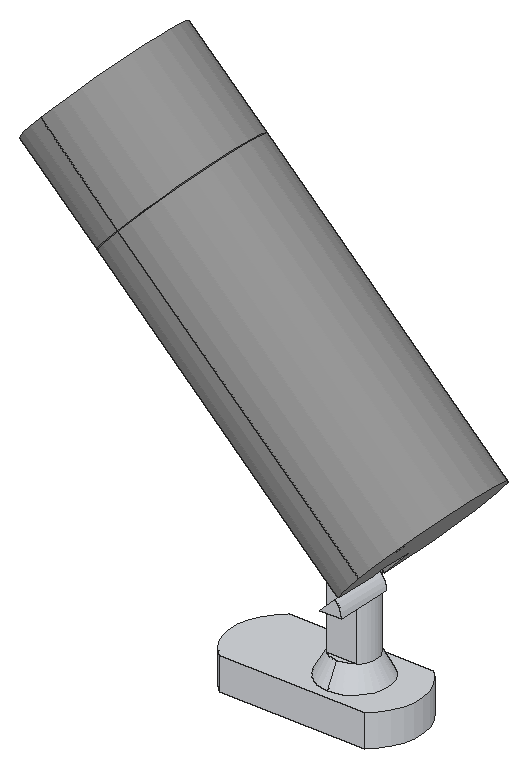
Revit family "005530", category Generic Models, host Face, Revit 2018
Family settings
  Host = Face
  Can host rebar = No
  Round Connector Dimension = Use Diameter
  Part Type = Normal
  OmniClass Number = 23.80.70.00
  OmniClass Title = Lighting
  Cut with Voids When Loaded = No
  Shared = No
  Room Calculation Point = No
Parameters (values of type "0005531 LENZO SMALL 15W 930 ON BOARD DIM BLACK")
  Width = 59.967 mm
  URL = "0.9"
  Type Image = <None>
  Type Comments = "n/a"
  Material_3_SYL = none
  Model = "Lenzo Small 15W 930 On Board Dim Black"
  Manufacturer = ""
  Length = 160 mm
  Keynote = "n/a"
  Material_2_SYL = none
  Height = 194.195 mm
  Description = "The new generation of Lenzo improves the Sylvania track spot range with a simple and slick integral design fixture, with no driver box and no visible screws. Simple and integral design (diameter Ø60mm). Die cast aluminium body, passive cooling heat sink. Adjustable beam angle 15° - 50°. Textured Black - RAL 9005. Light color temperature: 3000K, warm white, total system power: 15W. Total fixture output: 1000lm, efficacy: 67lm/W, Ra90 typical, LED chromacity: 3 step MacAdam ellipse (SDCM3), IR/UV free light source without heat radiation, operating voltage: 220-240V / 50-60Hz. On Board dimming driver, ultra low flicker rate, power factor: >0.90, electrical protection: Class I. Degree of protection: IP20, suitable for indoor environment only. Suitable for 3-circuit tracks, horizontal rotation: 345°, vertical tilt: 90°. Dimensions: Ø60x229mm, weight: 0.48Kg."
  Default Elevation = 1219.2 mm
  Cost = 0
  Material_1_SYL = none
  Assembly Code = "D5020200"
  Material_4_SYL = none
  Adaptor width = 32 mm
  Adaptor length = 70 mm
Reference planes
  plane 1 "Center (Front/Back)": y = 0
  plane 2: z = 0
  plane 3 "Center (Left/Right)": x = 0
  plane 4: y = 16
  plane 5: y = -16
  plane 6: x = -35
  plane 7: x = 35
  plane 8: z = 20
  plane 9: z = 35
  plane 10: z = 194.195
  plane 11: z = -30
  plane 12: z = -20
  plane 13: y = -46
  plane 14: y = 46
  plane 15: z = -31.471
  plane 16: z = -32.971
  plane 17: x = -27
  plane 18: x = 27
  plane 19: x = 17
  plane 20: y = 29.984
  plane 21: y = -29.984
  plane 22: x = -101.168
  plane 23: x = 58.832
Forms (mm)
  Extrusion 1, solid
    sketch origin (0, 0, 0) x (1, 0, 0) y (0, 1, 0)
      loop
        line (-27, -16) -> (27, -16)
        arc (27, -16) -> (35, 0) -> (27, 16) r 20
        line (27, 16) -> (-27, 16)
        arc (-27, 16) -> (-35, 0) -> (-27, -16) r 20
    from 0 to 12
Dimensions and locks
  "Adaptor width": plane 4 to plane 5
  equal spacing: plane 4, plane 1 "Center (Front/Back)", plane 5
  "Adaptor length": plane 6 to plane 7
  equal spacing: plane 6, plane 3 "Center (Left/Right)", plane 7
  "Width": plane 20 to plane 21
  equal spacing: plane 20, plane 1 "Center (Front/Back)", plane 21
  "Length": plane 22 to plane 23
  "Height": host face to plane 10
  aligned and locked: plane 2 to host face
  aligned and locked: level to host face
Automatic sketch dimensions
  host sketch curve to host sketch curve = 2438.4 mm  (x2)
  Extrusion 1 sketch curve to plane 5 = 0 mm
  Extrusion 1 sketch curve to plane 4 = 0 mm
  Extrusion 1 sketch curve to plane 17 = 0 mm  (x2)
  plane 1 "Center (Front/Back)" to Extrusion 1 sketch curve = 0 mm
  Extrusion 1 sketch curve to plane 18 = 0 mm
  plane 17 to Extrusion 1 sketch curve = 12 mm
  Extrusion 1 sketch curve to plane 19 = 2 mm
Nested families
  nested 1: "Lenzo arm with small spot Generic Family face based" at (10.443, 0, 12) x (0, -1, 0) z (0, 0, 1), type "Type Name"
Definition of nested family "Lenzo arm with small spot Generic Family face based"
  Parameters (values of type "Type Name")
    cutout = 11.5 mm
    Width = 25 mm
    URL = "http://www.sylvania-lighting.com"
    Type Image = (empty or 0)
    Type Comments = "n/a"
    Material_3_SYL = none
    Model = ""
    Manufacturer = "Feilo Sylvania"
    Length = 25 mm
    Keynote = ""
    Material_2_SYL = none
    Description = ""
    Default Elevation = 1219.2 mm
    Cost = 0
    Material_1_SYL = none
    Assembly Code = ""
    Material_4_SYL = none
  Reference planes
    plane 1 "Center (Front/Back)": y = 0
    plane 2: z = 0
    plane 3 "Center (Left/Right)": x = 0
    plane 4: y = 12.5
    plane 5: y = -12.5
    plane 6: x = -12.5
    plane 7: x = 12.5
    plane 8: z = 55
    plane 9: y = -46
    plane 10: y = 46
    plane 11: z = 8
    plane 12: x = 8
    plane 13: x = -8
    plane 14: x = 5.75
    plane 15: x = -5.75
    plane 16: z = 47
    plane 17: z = 39
  Forms (mm)
    Extrusion 1, solid
      sketch origin (4.2, 0, 0) x (1, 0, 0) y (0, 1, 0)
        loop
          line (-1219.2, 1219.2) -> (-1219.2, -1219.2) -> (1219.2, -1219.2) -> (1219.2, 1219.2) -> (-1219.2, 1219.2)
      from 0 to -68.017
    Blend 2, solid
      base sketch origin (0, 0, 0) x (1, 0, 0) y (0, 1, 0)
        loop
          circle (0, 0) r 12.5
      top sketch origin (0, 0, 0) x (1, 0, 0) y (0, 1, 0)
        loop
          circle (0, 0) r 8
      from 0 to 8
    Extrusion 3, solid
      sketch origin (0, 0, 0) x (1, 0, 0) y (0, 1, 0)
        loop
          circle (0, 0) r 8
      from 0 to 47
    Extrusion 4, void
      sketch origin (1524, -324.9, 1219.2) x (1, 0, 0) y (0, 0, 1)
        loop
          line (-1529.75, -1172.2) -> (-1538.187, -1172.2) -> (-1538.187, -1219.2) -> (-1529.75, -1219.2) -> (-1529.75, -1172.2)
      from -331.966 to -316.181
    Extrusion 5, void
      sketch origin (1542.25, -324.9, 1219.2) x (1, 0, 0) y (0, 0, 1)
        loop
          line (-1529.75, -1172.2) -> (-1536.5, -1172.2) -> (-1536.5, -1219.2) -> (-1529.75, -1219.2) -> (-1529.75, -1172.2)
      from -331.966 to -316.181
    Revolve 6, solid
      sketch origin (-1523.658, 8.645, 1216.192) x (-1, 0, 0) y (0, 0, 1)
        loop
          line (-1529.498, -1172.2) -> (-1550.4, -1172.2) -> (-1550.4, -1180.2) -> (-1529.498, -1180.2) -> (-1529.498, -1172.2)
        axis (-1529.498, -1180.2) -> (-1550.4, -1180.2)
      angle from -88.383 to -43.383
  Cuts and joins
    Extrusion 4, Extrusion 5 cuts Extrusion 3
  Dimensions and locks
    "Width": plane 4 to plane 5
    equal spacing: plane 4, plane 1 "Center (Front/Back)", plane 5
    "Length": plane 6 to plane 7
    equal spacing: plane 6, plane 3 "Center (Left/Right)", plane 7
    "cutout": plane 15 to plane 14
    equal spacing: plane 15, plane 3 "Center (Left/Right)", plane 14
    aligned and locked: plane 2 to Extrusion 1
    aligned and locked: level to Extrusion 1
  Automatic sketch dimensions
    Extrusion 1 sketch curve to Extrusion 1 sketch curve = 2438.4 mm  (x2)
    plane 1 "Center (Front/Back)" to Blend 2 sketch curve = 0 mm  (x2)
    Blend 2 sketch curve to plane 3 "Center (Left/Right)" = 0 mm  (x2)
    plane 1 "Center (Front/Back)" to Extrusion 3 sketch curve = 0 mm
    Extrusion 3 sketch curve to plane 3 "Center (Left/Right)" = 0 mm
    Extrusion 4 sketch curve to level = 0 mm
    plane 15 to Extrusion 4 sketch curve = 0 mm
    Extrusion 4 sketch curve to plane 6 = 1.687 mm
    Extrusion 4 sketch curve to plane 8 = 8 mm
    Extrusion 5 sketch curve to level = 0 mm
    Extrusion 5 sketch curve to plane 7 = 0 mm
    plane 14 to Extrusion 5 sketch curve = 0 mm
    Extrusion 5 sketch curve to plane 8 = 8 mm
    Revolve 6 sketch curve to plane 17 = 3.008 mm  (x2)
    plane 3 "Center (Left/Right)" to Revolve 6 sketch curve = 26.743 mm
    Revolve 6 sketch curve to plane 13 = 13.84 mm
    Revolve 6 sketch curve to plane 16 = 3.008 mm
    Revolve 6 sketch curve to plane 12 = 17.443 mm
    Revolve 6 sketch curve to plane 6 = 2.057 mm
    radius of Blend 2 sketch curve = 12.5 mm
    radius of Blend 2 sketch curve = 8 mm
    radius of Extrusion 3 sketch curve = 8 mm
  Nested families
    nested 1: "Lenzo Small Spotlight Family face based" at (0, 25.741, 54.081) x (1, 0, 0) z (0, -0.7268, 0.6869), type "Type Name"
      with WarrantyStartDate "n/a", SerialNumber "n/a", InstallationDate "n/a", built-in parameter 1114216 (empty or 0), BarCode "n/a", AssetIdentifier "n/a"
  Definition of nested family "Lenzo Small Spotlight Family face based"
    Parameters (values of type "0005530 LENZO SMALL 15W 940 ON BOARD DIM BLACK")
      Weight = "n/a"
      Wattage Comments = ""
      Wattage = 9.2903 W
      WarrantyStartDate [instance] = "n/a"
      WarrantyGuarantorParts = "n/a"
      WarrantyDurationUnit = "n/a"
      WarrantyDurationParts = ""
      WarrantyDescription = "http://www.sylvania-lighting.com"
      built-in parameter 1150110 = 1 (stored number, unit not read)
      Voltage = 0 V
      URL = "0.9"
      TypeName = "Lenzo Small 15W 940 On Board Dim Black"
      Type Image = (empty or 0)
      Type Comments = "n/a"
      built-in parameter 1114217 = 1 (stored number, unit not read)
      Tilt Angle = -90.00°
      built-in parameter 1150109 = 1 (stored number, unit not read)
      built-in parameter 1150134 = 3
      built-in parameter 1150113 = 1 (stored number, unit not read)
      SerialNumber [instance] = "n/a"
      Photometric Web File = "0005530-WB.IES"
      Material_3_SYL = none
      PowerFactor = 0
      PowerConsumption = "Lighting"
      NominalLength = 60 mm
      NominalHeight = 45 mm
      NominalDepth = 60 mm
      Name = "Lenzo Small 15W 940 On Board Dim Black"
      ModelReference = Name  # "Lenzo Small 15W 940 On Board Dim Black"
      ModelNumber = "0005530"
      Model = Name  # "Lenzo Small 15W 940 On Board Dim Black"
      Material = "Feilo Sylvania"
      ManufacturerName = "67 lm/W"
      Manufacturer = ""
      LuminousEfficacy = ""
      built-in parameter 1150105 = 109.82 (stored number, unit not read)
      Lumens = 1380 lm
      LuminaireType = "0"
      built-in parameter 1150115 = 1 (stored number, unit not read)
      LightOutputRatio = "LED"
      built-in parameter 1150137 = (empty or 0)
      built-in parameter 1150139 = (empty or 0)
      LampsType = Lamp  # "n/a"
      LampNominalLuminous = "4000 K"
      LampMacAdamStep = "90"
      LampColourTemperature = "LED"
      LampColourRenderingIndex = "16500"
      built-in parameter 1150112 = 1 (stored number, unit not read)
      built-in parameter 1150114 = 1 (stored number, unit not read)
      Lamp = "n/a"
      Keynote = "n/a"
      InstallationDate [instance] = "n/a"
      InputVoltage = "0"
      InputNominalFrequency = "4000"
      built-in parameter 1150132 = (empty or 0)
      built-in parameter 1150102 = (empty or 0)
      built-in parameter 1150107 = 3200 (stored number, unit not read)
      built-in parameter 1150138 = (empty or 0)
      IngressProtection = "IfcLightFixtureType"
      ImpactProtectionIndex = "IfcLightFixtureType"
      built-in parameter 1150106 = 1.0982 (stored number, unit not read)
      IfcExportType = "IfcLightFixtureType"
      IfcExportAs = "Class I"
      Emit from Circle Diameter = 609.6 mm
      Emit Shape Visible in Rendering = no
      ElectricShockClassification = "67"
      built-in parameter 1150104 = 13.8 (stored number, unit not read)
      DocumentationLiterature = "http://www.sylvania-lighting.com/product/en-int/products/0005530"
      DimmingControlOptions = "n/a"
      Material_2_SYL = none
      Dimming Lamp Color Temperature Shift = (empty or 0)
      Description = "The new generation of Lenzo improves the Sylvania track spot range with a simple and slick integral design fixture, with no driver box and no visible screws. Simple and integral design (diameter Ø60mm). Die cast aluminium body, passive cooling heat sink. Adjustable beam angle 15° - 50°. Textured Black - RAL 9005. Light color temperature: 4000K, neutral white, total system power: 15W. Total fixture output: 1000lm, efficacy: 67lm/W, Ra90 typical, LED chromacity: 3 step MacAdam ellipse (SDCM3), IR/UV free light source without heat radiation, operating voltage: 220-240V / 50-60Hz. On Board dimming driver, ultra low flicker rate, power factor: >0.90, electrical protection: Class I. Degree of protection: IP20, suitable for indoor environment only. Suitable for 3-circuit tracks, horizontal rotation: 345°, vertical tilt: 90°. Dimensions: Ø60x229mm, weight: 0.48Kg."
      Default Elevation = 1219.2 mm
      CreatedOn = "03/04/2023"
      CreatedBy = "@sylvania-lighting.com"
      Cost = 0
      Color Filter = 16777215
      built-in parameter 1114216 [instance] = (empty or 0)
      ClassificationValue = "EF_70_80"
      ClassificationName = "Uniclass2015"
      Material_1_SYL = none
      BarCode [instance] = "n/a"
      built-in parameter 1114218 = 1 (stored number, unit not read)
      built-in parameter 1150133 = 10 (stored number, unit not read)
      AssetType = "Fixed"
      AssetIdentifier [instance] = "n/a"
      Assembly Code = "D5020200"
      Apparent Load = 15 VA
      Material_4_SYL = none
    Reference planes
      plane 1 "Center (Front/Back)": y = 0
      plane 2: z = 0
      plane 3 "Center (Left/Right)": x = 0
      plane 4: x = -30
      plane 5: x = 30
      plane 6: y = 30
      plane 7: y = -30
      plane 8: z = 45
      plane 9: y = -13
      plane 10: x = -7
      plane 11: x = 7
    Forms (mm)
      Extrusion 1, solid
        sketch origin (4.2, 0, 0) x (1, 0, 0) y (0, 1, 0)
          loop
            line (-1219.2, 1219.2) -> (-1219.2, -1219.2) -> (1219.2, -1219.2) -> (1219.2, 1219.2) -> (-1219.2, 1219.2)
        from 0 to -68.017
      Extrusion 2, solid
        sketch origin (0, 0, 0) x (1, 0, 0) y (0, 1, 0)
          loop
            circle (0.015, 0.002) r 30
        from 0 to 124
      Extrusion 3, solid
        sketch origin (0, 0, 0) x (1, 0, 0) y (0, 1, 0)
          loop
            circle (0, 0) r 30
        from 124 to 164
      Extrusion 4, void
        sketch origin (0, 0, 0) x (1, 0, 0) y (0, 1, 0)
          loop
            line (-7, -13) -> (-7, -30) -> (7, -30) -> (7, -13) -> (-7, -13)
        from 0 to 32
      Extrusion 5, solid, detail levels fine
        sketch origin (0, 0, 0) x (1, 0, 0) y (0, 1, 0)
          loop
            circle (0, 0) r 15
        from 138.007 to 138.988
      Extrusion 6, void
        sketch origin (0, 0, 0) x (1, 0, 0) y (0, 1, 0)
          loop
            circle (-0.002, 0.171) r 27.5
        from 164 to 162
      Blend 7, void
        base sketch origin (0, 0, 0) x (1, 0, 0) y (0, 1, 0)
          loop
            circle (-0.002, 0.171) r 27.5
        top sketch origin (0, 0, 0) x (1, 0, 0) y (0, 1, 0)
          loop
            circle (-0.002, 0.171) r 20.5
        from 162 to 158
      Extrusion 8, void
        sketch origin (0, 0, 0) x (1, 0, 0) y (0, 1, 0)
          loop
            circle (-0.002, 0.171) r 20.5
        from 158 to 143
      Blend 9, void
        base sketch origin (0, 0, 0) x (1, 0, 0) y (0, 1, 0)
          loop
            circle (-0.002, 0.171) r 20.5
        top sketch origin (0, 0, 0) x (1, 0, 0) y (0, 1, 0)
          loop
            circle (0, 0) r 15
        from 143 to 138.007
    Cuts and joins
      Extrusion 4, Extrusion 6, Blend 7, Extrusion 8, Blend 9 cuts Extrusion 2
      Extrusion 6, Blend 7, Extrusion 8, Blend 9 cuts Extrusion 3
    Dimensions and locks
      "NominalLength": plane 4 to plane 5
      equal spacing: plane 4, plane 3 "Center (Left/Right)", plane 5
      "NominalDepth": plane 6 to plane 7
      equal spacing: plane 6, plane 1 "Center (Front/Back)", plane 7
      "NominalHeight": plane 8 to level
      aligned and locked: plane 2 to Extrusion 1
      aligned and locked: level to Extrusion 1
    Automatic sketch dimensions
      Extrusion 1 sketch curve to Extrusion 1 sketch curve = 2438.4 mm  (x2)
      Extrusion 2 sketch curve to plane 1 "Center (Front/Back)" = 0.002 mm
      plane 3 "Center (Left/Right)" to Extrusion 2 sketch curve = 0.015 mm
      plane 1 "Center (Front/Back)" to Extrusion 3 sketch curve = 0 mm
      Extrusion 3 sketch curve to plane 3 "Center (Left/Right)" = 0 mm
      Extrusion 4 sketch curve to plane 7 = 0 mm
      Extrusion 4 sketch curve to plane 10 = 0 mm
      Extrusion 4 sketch curve to plane 11 = 0 mm
      Extrusion 4 sketch curve to plane 9 = 0 mm
      plane 1 "Center (Front/Back)" to Extrusion 5 sketch curve = 0 mm
      Extrusion 5 sketch curve to plane 3 "Center (Left/Right)" = 0 mm
      Extrusion 6 sketch curve to plane 3 "Center (Left/Right)" = 0.002 mm
      Extrusion 6 sketch curve to plane 1 "Center (Front/Back)" = 0.171 mm
      Blend 7 sketch curve to plane 3 "Center (Left/Right)" = 0.002 mm  (x2)
      Blend 7 sketch curve to plane 1 "Center (Front/Back)" = 0.171 mm  (x2)
      Extrusion 8 sketch curve to plane 3 "Center (Left/Right)" = 0.002 mm
      Extrusion 8 sketch curve to plane 1 "Center (Front/Back)" = 0.171 mm
      Blend 9 sketch curve to plane 3 "Center (Left/Right)" = 0.002 mm
      Blend 9 sketch curve to plane 1 "Center (Front/Back)" = 0.171 mm
      plane 1 "Center (Front/Back)" to Blend 9 sketch curve = 0 mm
      Blend 9 sketch curve to plane 3 "Center (Left/Right)" = 0 mm
      radius of Extrusion 2 sketch curve = 30 mm
      radius of Extrusion 3 sketch curve = 30 mm
      radius of Extrusion 5 sketch curve = 15 mm
      radius of Extrusion 6 sketch curve = 27.5 mm
      radius of Blend 7 sketch curve = 27.5 mm
      radius of Blend 7 sketch curve = 20.5 mm
      radius of Extrusion 8 sketch curve = 20.5 mm
      radius of Blend 9 sketch curve = 20.5 mm
      radius of Blend 9 sketch curve = 15 mm
    Connectors
      electrical at (0, 0, 0), driven by "Apparent Load", driven by "PowerFactor", driven by "Voltage"
        settings: index 1, voltage 0 V, apparent load 15 VA, apparent load phase1 0 VA, apparent load phase2 0 VA, apparent load phase3 0 VA, power factor 0, load classification none, number of poles 1, system type 30, power factor state 1, is connector primary yes, connector utility no, sub classification motor no, connector description ""
